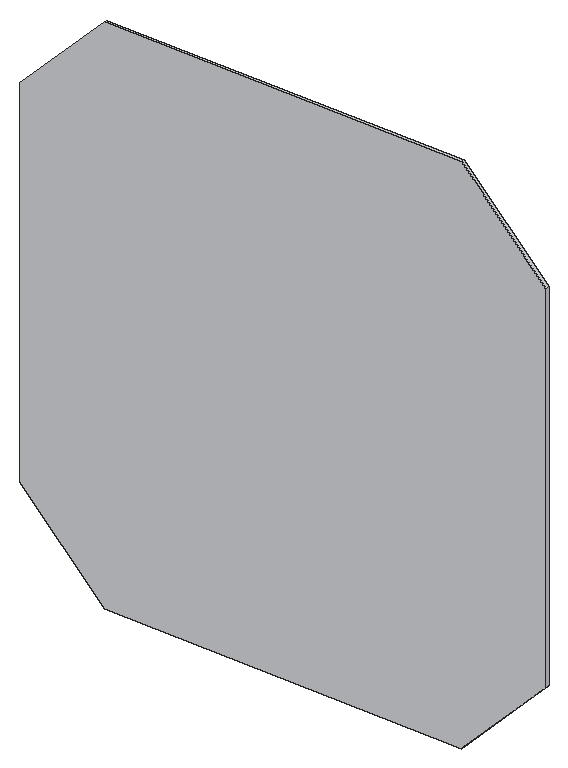
Revit family "Solar Cell", category Generic Models, Revit 2016
Family settings
  Part Type = Normal
  Can host rebar = No
  Round Connector Dimension = Use Diameter
  Work Plane-Based = No
  Always vertical = Yes
  Cut with Voids When Loaded = No
  Shared = No
  Room Calculation Point = No
Reference planes
  plane 1 "Center (Front/Back)": y = 0
  plane 2: z = 0
  plane 3 "Center (Left/Right)": x = 0
Forms (mm)
  Extrusion 1, solid
    sketch origin (0, 0, 0) x (1, 0, 0) y (0, 0, 1)
      loop
        line (25, 0) -> (131, 0) -> (156, 25) -> (156, 131) -> (131, 156) -> (25, 156) -> (0, 131) -> (0, 25) -> (25, 0)
    from 0 to 1
Lines and regions (mm)
  reference lines
    curve 1: line (-50, 0, 25) -> (-50, 0, 131)
    curve 2: line (131, 0, -50) -> (25, 0, -50)
    curve 3: line (78, 0, 156) -> (78, 0, 0)
    curve 4: line (206, 0, 131) -> (206, 0, 25)
    curve 5: line (25, 0, 206) -> (131, 0, 206)
Dimensions and locks
  locked: Extrusion 1 to curve 1 at 50
  locked: Extrusion 1 to curve 2 at 50
  equal spacing: Extrusion 1, curve 3, Extrusion 1
  locked: Extrusion 1 to curve 4 at 50
  locked: curve 5 to Extrusion 1 at 50
  aligned and locked: level to plane 2
  aligned and locked: Extrusion 1 sketch curve to plane 3 "Center (Left/Right)"
  aligned and locked: Extrusion 1 sketch curve to level
Automatic sketch dimensions
  plane 3 "Center (Left/Right)" to Extrusion 1 sketch curve = 25 mm  (x2)
  Extrusion 1 sketch curve to Extrusion 1 sketch curve = 106 mm  (x4)
  Extrusion 1 sketch curve to Extrusion 1 sketch curve = 25 mm  (x2)
  level to Extrusion 1 sketch curve = 25 mm  (x2)
  curve 3 to level = 0 mm
  curve 1 to plane 3 "Center (Left/Right)" = 50 mm
  plane 3 "Center (Left/Right)" to curve 2 = 25 mm
  plane 3 "Center (Left/Right)" to curve 3 = 78 mm
  curve 3 to curve 2 = 53 mm
  curve 2 to level = 50 mm
  level to curve 1 = 25 mm
  curve 1 to curve 1 = 106 mm
  curve 1 to curve 3 = 25 mm
